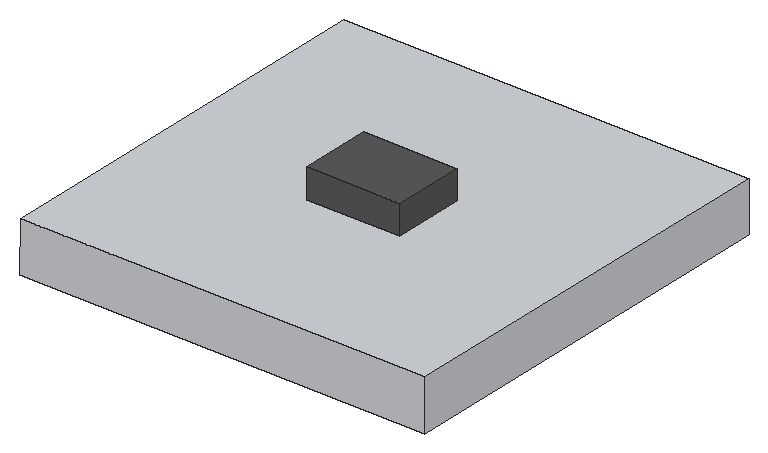
Revit family "r2018_videomax_storage", category Устройства связи, Revit 2018 (continued)
Definition of nested family "videomax_19 4U (JBOD)"
  Lines and regions (mm)
    model lines, visible <- "Back_500", detail levels fine
      curve 3292: line (343.768, 192.412, 0) -> (317.107, 192.412, 0)
      curve 3293: line (317.107, 192.412, 0) -> (315.278, 193.519, 0)
      curve 3294: line (315.278, 193.519, 0) -> (314.889, 194.569, 0)
      curve 3295: line (314.889, 194.569, 0) -> (314.826, 213.692, 0)
      curve 3296: line (314.826, 213.692, 0) -> (314.928, 214.337, 0)
      curve 3297: line (314.928, 214.337, 0) -> (315.42, 215.287, 0)
      curve 3298: line (315.42, 215.287, 0) -> (317.339, 216.234, 0)
      curve 3299: line (318.231, 207.92, 0) -> (322.376, 212.327, 0)
      curve 3300: line (322.376, 212.327, 0) -> (337.337, 212.514, 0)
      curve 3301: line (337.337, 212.514, 0) -> (342.572, 208.041, 0)
      curve 3302: line (343.449, 205.941, 0) -> (343.449, 197.207, 0)
      curve 3303: line (343.449, 197.207, 0) -> (343.184, 195.569, 0)
      curve 3304: line (343.184, 195.569, 0) -> (342.672, 195.245, 0)
      curve 3305: line (342.672, 195.245, 0) -> (319.437, 195.245, 0)
      curve 3306: line (319.437, 195.245, 0) -> (317.67, 195.607, 0)
      curve 3307: line (317.67, 195.607, 0) -> (317.467, 196.174, 0)
      curve 3308: line (317.467, 196.174, 0) -> (317.467, 206.074, 0)
      curve 3309: line (359.173, 216.232, 0) -> (383.637, 216.232, 0)
      curve 3310: line (383.637, 216.232, 0) -> (385.878, 216.157, 0)
      curve 3311: line (385.878, 216.157, 0) -> (387.593, 214.863, 0)
      curve 3312: line (387.593, 214.863, 0) -> (387.889, 213.745, 0)
      curve 3313: line (387.889, 213.745, 0) -> (387.889, 194.553, 0)
      curve 3314: line (387.889, 194.553, 0) -> (387.471, 193.539, 0)
      curve 3315: line (387.471, 193.539, 0) -> (385.602, 192.41, 0)
      curve 3316: line (385.602, 192.41, 0) -> (358.941, 192.41, 0)
      curve 3317: line (358.941, 192.41, 0) -> (357.112, 193.517, 0)
      curve 3318: line (357.112, 193.517, 0) -> (356.723, 194.566, 0)
      curve 3319: line (356.723, 194.566, 0) -> (356.66, 213.69, 0)
      curve 3320: line (356.66, 213.69, 0) -> (356.762, 214.335, 0)
      curve 3321: line (356.762, 214.335, 0) -> (357.254, 215.284, 0)
      curve 3322: line (357.254, 215.284, 0) -> (359.173, 216.232, 0)
      curve 3323: line (322.803, 203.394, 0) -> (324.03, 203.394, 0)
      curve 3324: line (324.03, 203.394, 0) -> (324.03, 201.013, 0)
      curve 3325: line (324.03, 201.013, 0) -> (322.803, 201.013, 0)
      curve 3326: line (322.803, 201.013, 0) -> (322.803, 203.394, 0)
      curve 3327: line (329.843, 207.544, 0) -> (331.069, 207.544, 0)
      curve 3328: line (331.069, 207.544, 0) -> (331.069, 205.163, 0)
      curve 3329: line (331.069, 205.163, 0) -> (329.843, 205.163, 0)
      curve 3330: line (329.843, 205.163, 0) -> (329.843, 207.544, 0)
      curve 3331: line (336.882, 203.394, 0) -> (338.108, 203.394, 0)
      curve 3332: line (338.108, 203.394, 0) -> (338.108, 201.013, 0)
      curve 3333: line (338.108, 201.013, 0) -> (336.882, 201.013, 0)
      curve 3334: line (336.882, 201.013, 0) -> (336.882, 203.394, 0)
      curve 3343: line (360.022, 207.92, 0) -> (364.167, 212.327, 0)
      curve 3344: line (364.167, 212.327, 0) -> (379.128, 212.514, 0)
      curve 3345: line (379.128, 212.514, 0) -> (384.363, 208.041, 0)
      curve 3346: line (385.241, 205.941, 0) -> (385.241, 197.207, 0)
      curve 3347: line (385.241, 197.207, 0) -> (384.975, 195.569, 0)
      curve 3348: line (384.975, 195.569, 0) -> (384.463, 195.245, 0)
      curve 3349: line (384.463, 195.245, 0) -> (361.228, 195.245, 0)
      curve 3350: line (361.228, 195.245, 0) -> (359.461, 195.607, 0)
      curve 3351: line (359.461, 195.607, 0) -> (359.258, 196.174, 0)
      curve 3352: line (359.258, 196.174, 0) -> (359.258, 206.074, 0)
      curve 3353: line (364.594, 203.394, 0) -> (365.821, 203.394, 0)
      curve 3354: line (365.821, 203.394, 0) -> (365.821, 201.013, 0)
      curve 3355: line (365.821, 201.013, 0) -> (364.594, 201.013, 0)
      curve 3356: line (364.594, 201.013, 0) -> (364.594, 203.394, 0)
      curve 3357: line (371.634, 207.544, 0) -> (372.86, 207.544, 0)
      curve 3358: line (372.86, 207.544, 0) -> (372.86, 205.163, 0)
      curve 3359: line (372.86, 205.163, 0) -> (371.634, 205.163, 0)
      curve 3360: line (371.634, 205.163, 0) -> (371.634, 207.544, 0)
      curve 3361: line (378.673, 203.394, 0) -> (379.899, 203.394, 0)
      curve 3362: line (379.899, 203.394, 0) -> (379.899, 201.013, 0)
      curve 3363: line (379.899, 201.013, 0) -> (378.673, 201.013, 0)
      curve 3364: line (378.673, 201.013, 0) -> (378.673, 203.394, 0)
      curve 3365: line (440.12, 292.523, 0) -> (437.626, 295.017, 0)
      curve 3366: line (437.626, 264.422, 0) -> (440.12, 266.916, 0)
      curve 3367: line (446.928, 285.715, 0) -> (445.011, 287.632, 0)
      curve 3368: line (445.011, 271.808, 0) -> (446.928, 273.724, 0)
      curve 3369: line (443.906, 288.737, 0) -> (441.409, 291.234, 0)
      curve 3370: line (441.409, 268.206, 0) -> (443.906, 270.702, 0)
      curve 3371: line (468.133, 292.523, 0) -> (470.627, 295.017, 0)
      curve 3372: line (470.627, 264.422, 0) -> (468.133, 266.916, 0)
      curve 3373: line (461.325, 285.715, 0) -> (463.241, 287.632, 0)
      curve 3374: line (463.242, 271.808, 0) -> (461.325, 273.724, 0)
      curve 3375: line (464.347, 288.737, 0) -> (466.843, 291.234, 0)
      curve 3376: line (466.843, 268.206, 0) -> (464.347, 270.702, 0)
      curve 3377: line (466.93, 265.714, 0) -> (469.424, 263.219, 0)
      curve 3378: line (438.829, 263.219, 0) -> (441.323, 265.713, 0)
      curve 3379: line (460.122, 272.521, 0) -> (462.039, 270.605, 0)
      curve 3380: line (446.214, 270.605, 0) -> (448.131, 272.521, 0)
      curve 3381: line (463.144, 269.499, 0) -> (465.641, 267.003, 0)
      curve 3382: line (442.612, 267.003, 0) -> (445.109, 269.499, 0)
      curve 3383: line (466.93, 293.726, 0) -> (469.424, 296.22, 0)
      curve 3384: line (438.829, 296.22, 0) -> (441.323, 293.726, 0)
      curve 3385: line (460.122, 286.918, 0) -> (462.039, 288.835, 0)
      curve 3386: line (446.214, 288.835, 0) -> (448.131, 286.918, 0)
      curve 3387: line (463.144, 289.94, 0) -> (465.641, 292.437, 0)
      curve 3388: line (442.612, 292.437, 0) -> (445.109, 289.94, 0)
      curve 3393: line (516.714, 292.523, 0) -> (514.22, 295.017, 0)
      curve 3394: line (514.22, 264.422, 0) -> (516.714, 266.916, 0)
      curve 3395: line (523.522, 285.715, 0) -> (521.605, 287.632, 0)
      curve 3396: line (521.605, 271.808, 0) -> (523.522, 273.724, 0)
      curve 3397: line (520.5, 288.737, 0) -> (518.003, 291.234, 0)
      curve 3398: line (518.003, 268.206, 0) -> (520.5, 270.702, 0)
      curve 3399: line (544.727, 292.523, 0) -> (547.221, 295.017, 0)
      curve 3400: line (547.221, 264.422, 0) -> (544.727, 266.916, 0)
      curve 3401: line (537.919, 285.715, 0) -> (539.835, 287.632, 0)
      curve 3402: line (539.836, 271.808, 0) -> (537.919, 273.724, 0)
      curve 3403: line (540.941, 288.737, 0) -> (543.437, 291.234, 0)
      curve 3404: line (543.437, 268.206, 0) -> (540.941, 270.702, 0)
      curve 3405: line (543.524, 265.714, 0) -> (546.018, 263.219, 0)
      curve 3406: line (515.423, 263.219, 0) -> (517.917, 265.713, 0)
      curve 3407: line (536.716, 272.521, 0) -> (538.633, 270.605, 0)
      curve 3408: line (522.808, 270.605, 0) -> (524.725, 272.521, 0)
      curve 3409: line (539.738, 269.499, 0) -> (542.235, 267.003, 0)
      curve 3410: line (519.206, 267.003, 0) -> (521.703, 269.499, 0)
      curve 3411: line (543.524, 293.726, 0) -> (546.018, 296.22, 0)
      curve 3412: line (515.423, 296.22, 0) -> (517.917, 293.726, 0)
      curve 3413: line (536.716, 286.918, 0) -> (538.633, 288.835, 0)
      curve 3414: line (522.808, 288.835, 0) -> (524.725, 286.918, 0)
      curve 3415: line (539.738, 289.94, 0) -> (542.235, 292.437, 0)
      curve 3416: line (519.206, 292.437, 0) -> (521.703, 289.94, 0)
      curve 3457: line (525.97, 213.006, 0) -> (525.97, 204.438, 0)
      curve 3458: line (525.97, 204.438, 0) -> (541.44, 204.438, 0)
      curve 3459: line (541.44, 204.438, 0) -> (541.44, 213.006, 0)
      curve 3460: line (541.44, 213.006, 0) -> (536.653, 213.006, 0)
      curve 3461: line (536.653, 213.006, 0) -> (536.653, 214.492, 0)
      curve 3462: line (536.653, 214.492, 0) -> (530.633, 214.492, 0)
      curve 3463: line (530.633, 214.492, 0) -> (530.633, 213.006, 0)
      curve 3464: line (530.633, 213.006, 0) -> (525.97, 213.006, 0)
      curve 3465: line (544.758, 213.006, 0) -> (544.758, 204.438, 0)
      curve 3466: line (544.758, 204.438, 0) -> (560.228, 204.438, 0)
      curve 3467: line (560.228, 204.438, 0) -> (560.228, 213.006, 0)
      curve 3468: line (560.228, 213.006, 0) -> (555.441, 213.006, 0)
      curve 3469: line (555.441, 213.006, 0) -> (555.441, 214.492, 0)
      curve 3470: line (555.441, 214.492, 0) -> (549.421, 214.492, 0)
      curve 3471: line (549.421, 214.492, 0) -> (549.421, 213.006, 0)
      curve 3472: line (549.421, 213.006, 0) -> (544.758, 213.006, 0)
      curve 3473: line (500.159, 211.741, 0) -> (513.319, 211.741, 0)
      curve 3474: line (514.005, 210.739, 0) -> (513.364, 205.564, 0)
      curve 3475: line (512.38, 204.708, 0) -> (501.301, 204.708, 0)
      curve 3476: line (500.278, 205.553, 0) -> (499.367, 210.595, 0)
      curve 3477: line (463.892, 211.741, 0) -> (477.052, 211.741, 0)
      curve 3478: line (477.738, 210.739, 0) -> (477.097, 205.564, 0)
      curve 3479: line (476.113, 204.708, 0) -> (465.034, 204.708, 0)
      curve 3480: line (464.011, 205.553, 0) -> (463.099, 210.595, 0)
      curve 3481: line (439.702, 213.724, 0) -> (453.771, 213.724, 0)
      curve 3482: line (453.771, 213.724, 0) -> (453.771, 219.998, 0)
      curve 3483: line (453.771, 219.998, 0) -> (439.702, 219.998, 0)
      curve 3484: line (439.702, 219.998, 0) -> (439.702, 213.724, 0)
      curve 3485: line (439.702, 205.042, 0) -> (453.771, 205.042, 0)
      curve 3486: line (453.771, 205.042, 0) -> (453.771, 211.316, 0)
      curve 3487: line (453.771, 211.316, 0) -> (439.702, 211.316, 0)
      curve 3488: line (439.702, 211.316, 0) -> (439.702, 205.042, 0)
      curve 3489: line (441.793, 216.132, 0) -> (451.68, 216.132, 0)
      curve 3490: line (441.793, 207.45, 0) -> (451.68, 207.45, 0)
      curve 3491: line (470.524, 229.893, 0) -> (507.294, 229.893, 0)
      curve 3492: line (507.981, 228.89, 0) -> (507.339, 223.715, 0)
      curve 3493: line (506.356, 222.859, 0) -> (471.667, 222.859, 0)
      curve 3494: line (470.643, 223.704, 0) -> (469.732, 228.746, 0)
      curve 3495: line (588.051, 233.439, 0) -> (588.051, 220.279, 0)
      curve 3496: line (587.049, 219.593, 0) -> (581.874, 220.234, 0)
      curve 3497: line (581.017, 221.218, 0) -> (581.017, 232.297, 0)
      curve 3498: line (581.863, 233.32, 0) -> (586.905, 234.231, 0)
      curve 3499: line (588.167, 268.213, 0) -> (588.167, 255.053, 0)
      curve 3500: line (587.164, 254.366, 0) -> (581.99, 255.008, 0)
      curve 3501: line (581.133, 255.991, 0) -> (581.133, 267.07, 0)
      curve 3502: line (581.979, 268.094, 0) -> (587.021, 269.005, 0)
      curve 3507: line (412.339, 288.387, 0) -> (420.875, 288.387, 0)
      curve 3508: line (420.875, 288.387, 0) -> (420.875, 267.379, 0)
      curve 3509: line (420.875, 267.379, 0) -> (412.339, 267.379, 0)
      curve 3510: line (412.339, 267.379, 0) -> (412.339, 288.387, 0)
      curve 3511: line (414.65, 272.083, 0) -> (414.65, 283.039, 0)
      curve 3512: line (418.895, 283.039, 0) -> (418.895, 272.083, 0)
    model lines, visible <- "Front_500", detail levels fine
      curve 861: arc (215.757, 89.542, 0) -> (216.081, 90.343, 0) -> (216.883, 90.667, 0) r 1.107
      curve 862: arc (238.889, 90.667, 0) -> (239.729, 90.337, 0) -> (240.06, 89.496, 0) r 1.13
      curve 863: arc (240.06, 67.482, 0) -> (239.685, 66.657, 0) -> (238.827, 66.365, 0) r 1.142
      curve 864: arc (216.733, 66.365, 0) -> (216.055, 66.719, 0) -> (215.757, 67.424, 0) r 1.134
      curve 865: arc (219.167, 73.125, 0) -> (219.021, 72.894, 0) -> (218.782, 72.76, 0) r 0.558
      curve 866: arc (218.782, 72.76, 0) -> (218.541, 72.731, 0) -> (218.3, 72.76, 0) r 1.018
      curve 867: arc (218.3, 72.76, 0) -> (218.061, 72.893, 0) -> (217.915, 73.125, 0) r 0.555
      curve 868: arc (222.885, 75.268, 0) -> (223.446, 75.122, 0) -> (223.793, 74.659, 0) r 0.876
      curve 869: arc (223.793, 74.659, 0) -> (223.859, 73.966, 0) -> (223.768, 73.276, 0) r 3.077
      curve 870: arc (223.768, 73.276, 0) -> (223.421, 72.869, 0) -> (222.898, 72.76, 0) r 0.826
      curve 871: arc (221.771, 72.76, 0) -> (221.483, 72.846, 0) -> (221.359, 73.12, 0) r 0.361
      curve 872: arc (221.359, 74.836, 0) -> (221.445, 75.145, 0) -> (221.742, 75.268, 0) r 0.365
      curve 873: arc (222.169, 74.507, 0) -> (222.188, 74.603, 0) -> (222.268, 74.659, 0) r 0.131
      curve 874: arc (222.268, 74.659, 0) -> (222.43, 74.666, 0) -> (222.591, 74.659, 0) r 1.814
      curve 875: arc (222.591, 74.659, 0) -> (222.858, 74.56, 0) -> (222.998, 74.311, 0) r 0.413
      curve 876: arc (222.998, 74.311, 0) -> (223.029, 74.04, 0) -> (223.01, 73.767, 0) r 1.504
      curve 877: arc (223.01, 73.767, 0) -> (222.935, 73.548, 0) -> (222.743, 73.417, 0) r 0.366
      curve 878: arc (222.743, 73.417, 0) -> (222.541, 73.385, 0) -> (222.337, 73.383, 0) r 1.363
      curve 879: arc (222.337, 73.383, 0) -> (222.216, 73.416, 0) -> (222.169, 73.531, 0) r 0.141
      curve 880: arc (224.146, 74.893, 0) -> (224.249, 75.164, 0) -> (224.52, 75.268, 0) r 0.354
      curve 881: arc (225.105, 74.659, 0) -> (224.995, 74.623, 0) -> (224.956, 74.515, 0) r 0.132
      curve 882: arc (224.956, 73.494, 0) -> (225.004, 73.389, 0) -> (225.118, 73.369, 0) r 0.125
      curve 883: arc (224.565, 72.76, 0) -> (224.253, 72.853, 0) -> (224.146, 73.161, 0) r 0.357
      curve 884: arc (226.614, 74.659, 0) -> (226.899, 75.092, 0) -> (227.387, 75.268, 0) r 0.819
      curve 885: arc (227.387, 75.268, 0) -> (227.93, 75.297, 0) -> (228.472, 75.268, 0) r 5.104
      curve 886: arc (228.472, 75.268, 0) -> (228.963, 75.095, 0) -> (229.245, 74.659, 0) r 0.806
      curve 887: arc (229.245, 74.659, 0) -> (229.309, 73.965, 0) -> (229.213, 73.276, 0) r 3.047
      curve 888: arc (229.213, 73.276, 0) -> (228.919, 72.907, 0) -> (228.471, 72.76, 0) r 0.821
      curve 889: arc (228.471, 72.76, 0) -> (227.934, 72.731, 0) -> (227.398, 72.76, 0) r 5.02
      curve 890: arc (227.398, 72.76, 0) -> (226.943, 72.903, 0) -> (226.646, 73.276, 0) r 0.813
      curve 891: arc (226.646, 73.276, 0) -> (226.55, 73.965, 0) -> (226.614, 74.659, 0) r 3.045
      curve 892: arc (227.4, 74.311, 0) -> (227.51, 74.537, 0) -> (227.73, 74.659, 0) r 0.418
      curve 893: arc (227.73, 74.659, 0) -> (227.937, 74.673, 0) -> (228.143, 74.658, 0) r 1.432
      curve 894: arc (228.143, 74.658, 0) -> (228.354, 74.532, 0) -> (228.462, 74.311, 0) r 0.431
      curve 895: arc (228.462, 74.311, 0) -> (228.478, 74.039, 0) -> (228.468, 73.767, 0) r 2.949
      curve 896: arc (228.468, 73.767, 0) -> (228.355, 73.5, 0) -> (228.096, 73.369, 0) r 0.422
      curve 897: arc (228.096, 73.369, 0) -> (227.91, 73.355, 0) -> (227.723, 73.369, 0) r 1.213
      curve 898: arc (227.723, 73.369, 0) -> (227.492, 73.511, 0) -> (227.4, 73.767, 0) r 0.411
      curve 899: arc (227.4, 73.767, 0) -> (227.381, 74.039, 0) -> (227.4, 74.311, 0) r 2.006
      curve 900: arc (230.861, 73.033, 0) -> (230.952, 72.858, 0) -> (231.122, 72.756, 0) r 0.364
      curve 901: arc (231.539, 72.755, 0) -> (231.712, 72.856, 0) -> (231.805, 73.033, 0) r 0.364
      curve 902: arc (233.074, 74.863, 0) -> (232.982, 75.132, 0) -> (232.732, 75.268, 0) r 0.391
      curve 903: arc (232.732, 75.268, 0) -> (232.462, 75.297, 0) -> (232.192, 75.268, 0) r 1.276
      curve 904: arc (232.192, 75.268, 0) -> (231.955, 75.13, 0) -> (231.817, 74.893, 0) r 0.535
      curve 905: arc (231.404, 73.648, 0) -> (231.334, 73.581, 0) -> (231.263, 73.648, 0) r 0.071
      curve 906: arc (230.847, 74.898, 0) -> (230.709, 75.131, 0) -> (230.475, 75.268, 0) r 0.537
      curve 907: arc (230.475, 75.268, 0) -> (230.206, 75.297, 0) -> (229.936, 75.268, 0) r 1.263
      curve 908: arc (229.936, 75.268, 0) -> (229.69, 75.131, 0) -> (229.596, 74.866, 0) r 0.398
      curve 909: arc (235.218, 74.996, 0) -> (235.105, 75.167, 0) -> (234.926, 75.268, 0) r 0.437
      curve 910: arc (234.926, 75.268, 0) -> (234.651, 75.297, 0) -> (234.376, 75.268, 0) r 1.324
      curve 911: arc (234.376, 75.268, 0) -> (234.189, 75.172, 0) -> (234.076, 74.996, 0) r 0.406
      curve 912: arc (222.936, 79.89, 0) -> (223.04, 79.815, 0) -> (223.144, 79.89, 0) r 0.11
      curve 913: arc (224.408, 83.264, 0) -> (224.875, 83.952, 0) -> (225.642, 84.275, 0) r 1.465
      curve 914: arc (225.642, 84.275, 0) -> (226.162, 84.298, 0) -> (226.677, 84.224, 0) r 2.783
      curve 915: arc (224.645, 78.805, 0) -> (224.271, 78.212, 0) -> (223.659, 77.869, 0) r 1.431
      curve 916: arc (223.659, 77.869, 0) -> (223.041, 77.794, 0) -> (222.423, 77.868, 0) r 2.611
      curve 917: arc (222.423, 77.868, 0) -> (221.809, 78.211, 0) -> (221.434, 78.805, 0) r 1.424
      curve 918: arc (227.222, 83.911, 0) -> (227.465, 83.616, 0) -> (227.638, 83.276, 0) r 1.748
      curve 919: arc (229.924, 83.282, 0) -> (230.214, 83.786, 0) -> (230.676, 84.14, 0) r 1.492
      curve 920: arc (230.676, 84.14, 0) -> (231.522, 84.301, 0) -> (232.369, 84.15, 0) r 2.382
      curve 921: arc (232.369, 84.15, 0) -> (232.845, 83.795, 0) -> (233.144, 83.282, 0) r 1.485
      curve 922: arc (231.665, 82.123, 0) -> (231.534, 82.229, 0) -> (231.402, 82.123, 0) r 0.135
      curve 1268: line (-211.734, 88.8, 0) -> (-147.326, 92.9, 0)
      curve 1269: line (-147.326, 92.9, 0) -> (-125.081, 93.643, 0)
      curve 1270: line (-125.081, 93.643, 0) -> (-125.081, 95.028, 0)
      curve 1271: line (-125.081, 95.028, 0) -> (-128.629, 97.638, 0)
      curve 1272: line (-128.629, 97.638, 0) -> (-130.638, 100.269, 0)
      curve 1273: line (-130.638, 100.269, 0) -> (-131.015, 102.864, 0)
      curve 1274: line (-131.015, 102.864, 0) -> (-129.636, 105.414, 0)
      curve 1275: line (-129.636, 105.414, 0) -> (-126.503, 107.864, 0)
      curve 1276: line (-126.503, 107.864, 0) -> (-125.077, 108.702, 0)
      curve 1277: line (-125.077, 108.702, 0) -> (-125.077, 110.105, 0)
      curve 1278: line (-125.077, 110.105, 0) -> (-148.782, 110.687, 0)
      curve 1279: line (-148.782, 110.687, 0) -> (-181.794, 112.252, 0)
      curve 1280: line (-181.794, 112.252, 0) -> (-209.644, 114.874, 0)
      curve 1281: line (-191.444, 113.161, 0) -> (-112.125, 113.161, 0)
      curve 1282: line (-112.125, 113.161, 0) -> (-112.125, 90.431, 0)
      curve 1283: line (-112.125, 90.431, 0) -> (-186.118, 90.431, 0)
      curve 1284: line (-126.583, 107.801, 0) -> (-126.583, 96.205, 0)
      curve 1285: line (214.567, 121.067, 0) -> (220.773, 121.067, 0)
      curve 1286: line (220.773, 121.067, 0) -> (220.773, 106.905, 0)
      curve 1287: line (220.773, 106.905, 0) -> (217.637, 106.745, 0)
      curve 1288: line (217.637, 106.745, 0) -> (214.501, 107.36, 0)
      curve 1289: line (214.501, 107.36, 0) -> (214.567, 121.067, 0)
      curve 1290: line (218.366, 118.935, 0) -> (218.366, 108.873, 0)
      curve 1291: line (214.567, 92.412, 0) -> (220.773, 92.412, 0)
      curve 1292: line (220.773, 92.412, 0) -> (220.773, 106.574, 0)
      curve 1293: line (220.773, 106.574, 0) -> (217.637, 106.735, 0)
      curve 1294: line (217.637, 106.735, 0) -> (214.501, 106.119, 0)
      curve 1295: line (214.501, 106.119, 0) -> (214.567, 92.412, 0)
      curve 1296: line (218.366, 94.545, 0) -> (218.366, 104.606, 0)
      curve 1297: line (216.883, 90.667, 0) -> (238.889, 90.667, 0)
      curve 1298: line (240.06, 89.496, 0) -> (240.06, 67.482, 0)
      curve 1299: line (238.827, 66.365, 0) -> (216.733, 66.365, 0)
      curve 1300: line (215.757, 67.424, 0) -> (215.757, 89.542, 0)
      curve 1301: line (234.389, 73.849, 0) -> (234.902, 73.849, 0)
      curve 1302: line (234.902, 73.849, 0) -> (234.678, 74.487, 0)
      curve 1303: line (234.678, 74.487, 0) -> (234.389, 73.849, 0)
      curve 1304: line (217.915, 73.125, 0) -> (217.04, 75.268, 0)
      curve 1305: line (217.04, 75.268, 0) -> (217.907, 75.268, 0)
      curve 1306: line (217.907, 75.268, 0) -> (218.5, 73.548, 0)
      curve 1307: line (218.5, 73.548, 0) -> (219.185, 75.268, 0)
      curve 1308: line (219.185, 75.268, 0) -> (220.042, 75.268, 0)
      curve 1309: line (220.042, 75.268, 0) -> (219.167, 73.125, 0)
      curve 1310: line (220.193, 75.268, 0) -> (221.001, 75.268, 0)
      curve 1311: line (221.001, 75.268, 0) -> (221.001, 72.76, 0)
      curve 1312: line (221.001, 72.76, 0) -> (220.193, 72.76, 0)
      curve 1313: line (220.193, 72.76, 0) -> (220.193, 75.268, 0)
      curve 1314: line (221.742, 75.268, 0) -> (222.885, 75.268, 0)
      curve 1315: line (222.898, 72.76, 0) -> (221.771, 72.76, 0)
      curve 1316: line (221.359, 73.12, 0) -> (221.359, 74.836, 0)
      curve 1317: line (222.169, 73.531, 0) -> (222.169, 74.507, 0)
      curve 1318: line (224.52, 75.268, 0) -> (226.361, 75.268, 0)
      curve 1319: line (226.361, 75.268, 0) -> (226.361, 74.659, 0)
      curve 1320: line (226.361, 74.659, 0) -> (225.105, 74.659, 0)
      curve 1321: line (225.105, 74.659, 0) -> (224.956, 74.311, 0)
      curve 1322: line (224.956, 74.311, 0) -> (226.325, 74.311, 0)
      curve 1323: line (226.325, 74.311, 0) -> (226.325, 73.767, 0)
      curve 1324: line (226.325, 73.767, 0) -> (224.956, 73.767, 0)
      curve 1325: line (224.956, 73.767, 0) -> (224.956, 73.494, 0)
      curve 1326: line (225.118, 73.369, 0) -> (226.361, 73.369, 0)
      curve 1327: line (226.361, 73.369, 0) -> (226.361, 72.76, 0)
      curve 1328: line (226.361, 72.76, 0) -> (224.565, 72.76, 0)
      curve 1329: line (224.146, 73.161, 0) -> (224.146, 74.893, 0)
      curve 1330: line (229.596, 74.866, 0) -> (229.596, 72.76, 0)
      curve 1331: line (229.596, 72.76, 0) -> (230.409, 72.76, 0)
      curve 1332: line (230.409, 72.76, 0) -> (230.383, 74.311, 0)
      curve 1333: line (230.383, 74.311, 0) -> (230.861, 73.033, 0)
      curve 1334: line (231.122, 72.758, 0) -> (231.318, 72.731, 0)
      curve 1335: line (231.318, 72.731, 0) -> (231.539, 72.755, 0)
      curve 1336: line (231.805, 73.033, 0) -> (232.214, 74.311, 0)
      curve 1337: line (232.214, 74.311, 0) -> (232.257, 72.76, 0)
      curve 1338: line (232.257, 72.76, 0) -> (233.074, 72.76, 0)
      curve 1339: line (233.074, 72.76, 0) -> (233.074, 74.863, 0)
      curve 1340: line (231.817, 74.893, 0) -> (231.404, 73.648, 0)
      curve 1341: line (231.404, 73.648, 0) -> (230.847, 74.898, 0)
      curve 1342: line (235.962, 75.268, 0) -> (236.929, 75.268, 0)
      curve 1343: line (236.929, 75.268, 0) -> (237.355, 74.598, 0)
      curve 1344: line (237.355, 74.598, 0) -> (237.782, 75.268, 0)
      curve 1345: line (237.782, 75.268, 0) -> (238.749, 75.268, 0)
      curve 1346: line (238.749, 75.268, 0) -> (237.828, 74.032, 0)
      curve 1347: line (237.828, 74.032, 0) -> (238.778, 72.76, 0)
      curve 1348: line (238.778, 72.76, 0) -> (237.813, 72.76, 0)
      curve 1349: line (237.813, 72.76, 0) -> (237.355, 73.466, 0)
      curve 1350: line (237.355, 73.466, 0) -> (236.901, 72.76, 0)
      curve 1351: line (236.901, 72.76, 0) -> (235.939, 72.76, 0)
      curve 1352: line (235.939, 72.76, 0) -> (236.883, 74.032, 0)
      curve 1353: line (236.883, 74.032, 0) -> (235.962, 75.268, 0)
      curve 1354: line (234.076, 74.996, 0) -> (233.146, 72.76, 0)
      curve 1355: line (233.146, 72.76, 0) -> (233.998, 72.76, 0)
      curve 1356: line (233.998, 72.76, 0) -> (234.196, 73.276, 0)
      curve 1357: line (234.196, 73.276, 0) -> (235.098, 73.276, 0)
      curve 1358: line (235.098, 73.276, 0) -> (235.296, 72.76, 0)
      curve 1359: line (235.296, 72.76, 0) -> (236.143, 72.76, 0)
      curve 1360: line (236.143, 72.76, 0) -> (235.218, 74.996, 0)
      curve 1361: line (221.434, 78.805, 0) -> (219.189, 84.3, 0)
      curve 1362: line (219.189, 84.3, 0) -> (221.414, 84.3, 0)
      curve 1363: line (221.414, 84.3, 0) -> (222.936, 79.89, 0)
      curve 1364: line (223.144, 79.89, 0) -> (224.408, 83.264, 0)
      curve 1365: line (226.677, 84.224, 0) -> (224.645, 78.805, 0)
      curve 1366: line (227.638, 83.276, 0) -> (228.78, 80.481, 0)
      curve 1367: line (228.78, 80.481, 0) -> (229.924, 83.282, 0)
      curve 1368: line (233.144, 83.282, 0) -> (235.387, 77.79, 0)
      curve 1369: line (235.387, 77.79, 0) -> (233.161, 77.79, 0)
      curve 1370: line (233.161, 77.79, 0) -> (231.665, 82.123, 0)
      curve 1371: line (231.402, 82.123, 0) -> (229.892, 77.79, 0)
      curve 1372: line (229.892, 77.79, 0) -> (227.667, 77.79, 0)
      curve 1373: line (227.667, 77.79, 0) -> (226.346, 81.564, 0)
      curve 1374: line (226.346, 81.564, 0) -> (227.222, 83.911, 0)
      curve 1382: line (-211.735, 60.442, 0) -> (-147.327, 64.542, 0)
      curve 1383: line (-147.327, 64.542, 0) -> (-125.082, 65.285, 0)
      curve 1384: line (-125.082, 65.285, 0) -> (-125.082, 66.67, 0)
      curve 1385: line (-125.082, 66.67, 0) -> (-128.631, 69.281, 0)
      curve 1386: line (-128.631, 69.281, 0) -> (-130.639, 71.911, 0)
      curve 1387: line (-130.639, 71.911, 0) -> (-131.016, 74.506, 0)
      curve 1388: line (-131.016, 74.506, 0) -> (-129.637, 77.056, 0)
      curve 1389: line (-129.637, 77.056, 0) -> (-126.505, 79.506, 0)
      curve 1390: line (-126.505, 79.506, 0) -> (-125.078, 80.344, 0)
      curve 1391: line (-125.078, 80.344, 0) -> (-125.078, 81.747, 0)
      curve 1392: line (-125.078, 81.747, 0) -> (-148.783, 82.329, 0)
      curve 1393: line (-148.783, 82.329, 0) -> (-181.795, 83.894, 0)
      curve 1394: line (-181.795, 83.894, 0) -> (-209.645, 86.516, 0)
      curve 1395: line (-191.445, 84.803, 0) -> (-112.127, 84.803, 0)
      curve 1396: line (-112.127, 84.803, 0) -> (-112.127, 62.073, 0)
      curve 1397: line (-112.127, 62.073, 0) -> (-186.12, 62.073, 0)
      curve 1398: line (-126.584, 79.443, 0) -> (-126.584, 67.848, 0)
      curve 1406: line (-211.778, 32.102, 0) -> (-147.37, 36.201, 0)
      curve 1407: line (-147.37, 36.201, 0) -> (-125.125, 36.944, 0)
      curve 1408: line (-125.125, 36.944, 0) -> (-125.125, 38.329, 0)
      curve 1409: line (-125.125, 38.329, 0) -> (-128.674, 40.94, 0)
      curve 1410: line (-128.674, 40.94, 0) -> (-130.682, 43.57, 0)
      curve 1411: line (-130.682, 43.57, 0) -> (-131.059, 46.166, 0)
      curve 1412: line (-131.059, 46.166, 0) -> (-129.681, 48.715, 0)
      curve 1413: line (-129.681, 48.715, 0) -> (-126.548, 51.165, 0)
      curve 1414: line (-126.548, 51.165, 0) -> (-125.121, 52.003, 0)
      curve 1415: line (-125.121, 52.003, 0) -> (-125.121, 53.406, 0)
      curve 1416: line (-125.121, 53.406, 0) -> (-148.826, 53.988, 0)
      curve 1417: line (-148.826, 53.988, 0) -> (-181.838, 55.553, 0)
      curve 1418: line (-181.838, 55.553, 0) -> (-209.688, 58.175, 0)
      curve 1419: line (-191.489, 56.462, 0) -> (-112.17, 56.462, 0)
      curve 1420: line (-112.17, 56.462, 0) -> (-112.17, 33.732, 0)
      curve 1421: line (-112.17, 33.732, 0) -> (-186.163, 33.732, 0)
      curve 1422: line (-126.628, 51.102, 0) -> (-126.628, 39.507, 0)
      curve 1430: line (-211.626, 3.609, 0) -> (-147.218, 7.709, 0)
      curve 1431: line (-147.218, 7.709, 0) -> (-124.973, 8.452, 0)
      curve 1432: line (-124.973, 8.452, 0) -> (-124.973, 9.837, 0)
      curve 1433: line (-124.973, 9.837, 0) -> (-128.522, 12.448, 0)
      curve 1434: line (-128.522, 12.448, 0) -> (-130.53, 15.078, 0)
      curve 1435: line (-130.53, 15.078, 0) -> (-130.907, 17.673, 0)
      curve 1436: line (-130.907, 17.673, 0) -> (-129.529, 20.223, 0)
      curve 1437: line (-129.529, 20.223, 0) -> (-126.396, 22.673, 0)
      curve 1438: line (-126.396, 22.673, 0) -> (-124.969, 23.511, 0)
      curve 1439: line (-124.969, 23.511, 0) -> (-124.969, 24.914, 0)
      curve 1440: line (-124.969, 24.914, 0) -> (-148.674, 25.496, 0)
      curve 1441: line (-148.674, 25.496, 0) -> (-181.686, 27.061, 0)
      curve 1442: line (-181.686, 27.061, 0) -> (-209.536, 29.683, 0)
      curve 1443: line (-191.336, 27.97, 0) -> (-112.018, 27.97, 0)
      curve 1444: line (-112.018, 27.97, 0) -> (-112.018, 5.24, 0)
      curve 1445: line (-112.018, 5.24, 0) -> (-186.011, 5.24, 0)
      curve 1446: line (-126.475, 22.61, 0) -> (-126.475, 11.014, 0)
      curve 1454: line (-104.456, 88.757, 0) -> (-40.049, 92.857, 0)
      curve 1455: line (-40.049, 92.857, 0) -> (-17.804, 93.6, 0)
      curve 1456: line (-17.804, 93.6, 0) -> (-17.804, 94.985, 0)
      curve 1457: line (-17.804, 94.985, 0) -> (-21.352, 97.595, 0)
      curve 1458: line (-21.352, 97.595, 0) -> (-23.36, 100.226, 0)
      curve 1459: line (-23.36, 100.226, 0) -> (-23.738, 102.821, 0)
      curve 1460: line (-23.738, 102.821, 0) -> (-22.359, 105.37, 0)
      curve 1461: line (-22.359, 105.37, 0) -> (-19.226, 107.82, 0)
      curve 1462: line (-19.226, 107.82, 0) -> (-17.799, 108.659, 0)
      curve 1463: line (-17.799, 108.659, 0) -> (-17.799, 110.061, 0)
      curve 1464: line (-17.799, 110.061, 0) -> (-41.504, 110.644, 0)
      curve 1465: line (-41.504, 110.644, 0) -> (-74.517, 112.209, 0)
      curve 1466: line (-74.517, 112.209, 0) -> (-102.366, 114.831, 0)
      curve 1467: line (-84.167, 113.117, 0) -> (-4.848, 113.117, 0)
      curve 1468: line (-4.848, 113.117, 0) -> (-4.848, 90.387, 0)
      curve 1469: line (-4.848, 90.387, 0) -> (-78.841, 90.387, 0)
      curve 1470: line (-19.306, 107.758, 0) -> (-19.306, 96.162, 0)
      curve 1478: line (-104.458, 60.399, 0) -> (-40.05, 64.499, 0)
      curve 1479: line (-40.05, 64.499, 0) -> (-17.805, 65.242, 0)
      curve 1480: line (-17.805, 65.242, 0) -> (-17.805, 66.627, 0)
      curve 1481: line (-17.805, 66.627, 0) -> (-21.353, 69.237, 0)
      curve 1482: line (-21.353, 69.237, 0) -> (-23.362, 71.868, 0)
      curve 1483: line (-23.362, 71.868, 0) -> (-23.739, 74.463, 0)
      curve 1484: line (-23.739, 74.463, 0) -> (-22.36, 77.012, 0)
      curve 1485: line (-22.36, 77.012, 0) -> (-19.227, 79.462, 0)
      curve 1486: line (-19.227, 79.462, 0) -> (-17.801, 80.301, 0)
      curve 1487: line (-17.801, 80.301, 0) -> (-17.801, 81.703, 0)
      curve 1488: line (-17.801, 81.703, 0) -> (-41.506, 82.286, 0)
      curve 1489: line (-41.506, 82.286, 0) -> (-74.518, 83.851, 0)
      curve 1490: line (-74.518, 83.851, 0) -> (-102.368, 86.473, 0)
      curve 1491: line (-84.168, 84.759, 0) -> (-4.849, 84.759, 0)
      curve 1492: line (-4.849, 84.759, 0) -> (-4.849, 62.03, 0)
      curve 1493: line (-4.849, 62.03, 0) -> (-78.843, 62.03, 0)
      curve 1494: line (-19.307, 79.4, 0) -> (-19.307, 67.804, 0)
      curve 1502: line (-104.501, 32.058, 0) -> (-40.093, 36.158, 0)
      curve 1503: line (-40.093, 36.158, 0) -> (-17.848, 36.901, 0)
      curve 1504: line (-17.848, 36.901, 0) -> (-17.848, 38.286, 0)
      curve 1505: line (-17.848, 38.286, 0) -> (-21.396, 40.897, 0)
      curve 1506: line (-21.396, 40.897, 0) -> (-23.405, 43.527, 0)
      curve 1507: line (-23.405, 43.527, 0) -> (-23.782, 46.122, 0)
      curve 1508: line (-23.782, 46.122, 0) -> (-22.403, 48.672, 0)
      curve 1509: line (-22.403, 48.672, 0) -> (-19.27, 51.122, 0)
      curve 1510: line (-19.27, 51.122, 0) -> (-17.844, 51.96, 0)
      curve 1511: line (-17.844, 51.96, 0) -> (-17.844, 53.363, 0)
      curve 1512: line (-17.844, 53.363, 0) -> (-41.549, 53.945, 0)
      curve 1513: line (-41.549, 53.945, 0) -> (-74.561, 55.51, 0)
      curve 1514: line (-74.561, 55.51, 0) -> (-104.451, 58.324, 0)
      curve 1515: line (-84.211, 56.419, 0) -> (-4.893, 56.419, 0)
      curve 1516: line (-4.893, 56.419, 0) -> (-4.893, 33.689, 0)
      curve 1517: line (-4.893, 33.689, 0) -> (-78.886, 33.689, 0)
      curve 1518: line (-19.35, 51.059, 0) -> (-19.35, 39.463, 0)
      curve 1526: line (-104.349, 3.566, 0) -> (-39.941, 7.666, 0)
      curve 1527: line (-39.941, 7.666, 0) -> (-17.696, 8.409, 0)
      curve 1528: line (-17.696, 8.409, 0) -> (-17.696, 9.794, 0)
      curve 1529: line (-17.696, 9.794, 0) -> (-21.244, 12.404, 0)
      curve 1530: line (-21.244, 12.404, 0) -> (-23.253, 15.035, 0)
      curve 1531: line (-23.253, 15.035, 0) -> (-23.63, 17.63, 0)
      curve 1532: line (-23.63, 17.63, 0) -> (-22.251, 20.179, 0)
      curve 1533: line (-22.251, 20.179, 0) -> (-19.118, 22.629, 0)
      curve 1534: line (-19.118, 22.629, 0) -> (-17.692, 23.468, 0)
      curve 1535: line (-17.692, 23.468, 0) -> (-17.692, 24.87, 0)
      curve 1536: line (-17.692, 24.87, 0) -> (-41.397, 25.453, 0)
      curve 1537: line (-41.397, 25.453, 0) -> (-74.409, 27.018, 0)
      curve 1538: line (-74.409, 27.018, 0) -> (-102.259, 29.64, 0)
      curve 1539: line (-84.059, 27.926, 0) -> (-4.74, 27.926, 0)
      curve 1540: line (-4.74, 27.926, 0) -> (-4.74, 5.196, 0)
      curve 1541: line (-4.74, 5.196, 0) -> (-78.734, 5.196, 0)
      curve 1542: line (-19.198, 22.567, 0) -> (-19.198, 10.971, 0)
      curve 1550: line (2.905, 88.524, 0) -> (67.313, 92.624, 0)
      curve 1551: line (67.313, 92.624, 0) -> (89.558, 93.367, 0)
      curve 1552: line (89.558, 93.367, 0) -> (89.558, 94.752, 0)
      curve 1553: line (89.558, 94.752, 0) -> (86.009, 97.362, 0)
      curve 1554: line (86.009, 97.362, 0) -> (84.001, 99.993, 0)
      curve 1555: line (84.001, 99.993, 0) -> (83.624, 102.588, 0)
      curve 1556: line (83.624, 102.588, 0) -> (85.002, 105.137, 0)
      curve 1557: line (85.002, 105.137, 0) -> (88.135, 107.587, 0)
      curve 1558: line (88.135, 107.587, 0) -> (89.562, 108.426, 0)
      curve 1559: line (89.562, 108.426, 0) -> (89.562, 109.828, 0)
      curve 1560: line (89.562, 109.828, 0) -> (65.857, 110.411, 0)
      curve 1561: line (65.857, 110.411, 0) -> (32.845, 111.976, 0)
      curve 1562: line (32.845, 111.976, 0) -> (4.995, 114.598, 0)
      curve 1563: line (23.194, 112.884, 0) -> (102.513, 112.884, 0)
      curve 1564: line (102.513, 112.884, 0) -> (102.513, 90.154, 0)
      curve 1565: line (102.513, 90.154, 0) -> (28.52, 90.154, 0)
      curve 1566: line (88.055, 107.525, 0) -> (88.055, 95.929, 0)
      curve 1574: line (2.904, 60.166, 0) -> (67.311, 64.266, 0)
      curve 1575: line (67.311, 64.266, 0) -> (89.556, 65.009, 0)
      curve 1576: line (89.556, 65.009, 0) -> (89.556, 66.394, 0)
      curve 1577: line (89.556, 66.394, 0) -> (86.008, 69.004, 0)
      curve 1578: line (86.008, 69.004, 0) -> (83.999, 71.635, 0)
      curve 1579: line (83.999, 71.635, 0) -> (83.622, 74.23, 0)
      curve 1580: line (83.622, 74.23, 0) -> (85.001, 76.779, 0)
      curve 1581: line (85.001, 76.779, 0) -> (88.134, 79.229, 0)
      curve 1582: line (88.134, 79.229, 0) -> (89.561, 80.068, 0)
      curve 1583: line (89.561, 80.068, 0) -> (89.561, 81.47, 0)
      curve 1584: line (89.561, 81.47, 0) -> (65.855, 82.053, 0)
      curve 1585: line (65.855, 82.053, 0) -> (32.843, 83.618, 0)
      curve 1586: line (32.843, 83.618, 0) -> (4.994, 86.24, 0)
      curve 1587: line (23.193, 84.526, 0) -> (102.512, 84.526, 0)
      curve 1588: line (102.512, 84.526, 0) -> (102.512, 61.797, 0)
      curve 1589: line (102.512, 61.797, 0) -> (28.519, 61.797, 0)
      curve 1590: line (88.054, 79.167, 0) -> (88.054, 67.571, 0)
      curve 1598: line (2.86, 31.825, 0) -> (67.268, 35.925, 0)
      curve 1599: line (67.268, 35.925, 0) -> (89.513, 36.668, 0)
      curve 1600: line (89.513, 36.668, 0) -> (89.513, 38.053, 0)
      curve 1601: line (89.513, 38.053, 0) -> (85.965, 40.664, 0)
      curve 1602: line (85.965, 40.664, 0) -> (83.956, 43.294, 0)
      curve 1603: line (83.956, 43.294, 0) -> (83.579, 45.889, 0)
      curve 1604: line (83.579, 45.889, 0) -> (84.958, 48.439, 0)
      curve 1605: line (84.958, 48.439, 0) -> (88.091, 50.889, 0)
      curve 1606: line (88.091, 50.889, 0) -> (89.517, 51.727, 0)
      curve 1607: line (89.517, 51.727, 0) -> (89.517, 53.13, 0)
      curve 1608: line (89.517, 53.13, 0) -> (65.812, 53.712, 0)
      curve 1609: line (65.812, 53.712, 0) -> (32.8, 55.277, 0)
      curve 1610: line (32.8, 55.277, 0) -> (4.95, 57.899, 0)
      curve 1611: line (23.15, 56.186, 0) -> (102.469, 56.186, 0)
      curve 1612: line (102.469, 56.186, 0) -> (102.469, 33.456, 0)
      curve 1613: line (102.469, 33.456, 0) -> (28.476, 33.456, 0)
      curve 1614: line (88.011, 50.826, 0) -> (88.011, 39.231, 0)
      curve 1622: line (3.012, 3.333, 0) -> (67.42, 7.433, 0)
      curve 1623: line (67.42, 7.433, 0) -> (89.665, 8.176, 0)
      curve 1624: line (89.665, 8.176, 0) -> (89.665, 9.561, 0)
      curve 1625: line (89.665, 9.561, 0) -> (86.117, 12.171, 0)
      curve 1626: line (86.117, 12.171, 0) -> (84.108, 14.802, 0)
      curve 1627: line (84.108, 14.802, 0) -> (83.731, 17.397, 0)
      curve 1628: line (83.731, 17.397, 0) -> (85.11, 19.946, 0)
      curve 1629: line (85.11, 19.946, 0) -> (88.243, 22.396, 0)
      curve 1630: line (88.243, 22.396, 0) -> (89.67, 23.235, 0)
      curve 1631: line (89.67, 23.235, 0) -> (89.67, 24.637, 0)
      curve 1632: line (89.67, 24.637, 0) -> (65.964, 25.22, 0)
      curve 1633: line (65.964, 25.22, 0) -> (32.952, 26.785, 0)
      curve 1634: line (32.952, 26.785, 0) -> (5.103, 29.407, 0)
      curve 1635: line (23.302, 27.693, 0) -> (102.621, 27.693, 0)
      curve 1636: line (102.621, 27.693, 0) -> (102.621, 4.963, 0)
      curve 1637: line (102.621, 4.963, 0) -> (28.628, 4.963, 0)
      curve 1638: line (88.163, 22.334, 0) -> (88.163, 10.738, 0)
      curve 1646: line (110.324, 88.775, 0) -> (174.731, 92.874, 0)
      curve 1647: line (174.731, 92.874, 0) -> (196.976, 93.617, 0)
      curve 1648: line (196.976, 93.617, 0) -> (196.976, 95.003, 0)
      curve 1649: line (196.976, 95.003, 0) -> (193.428, 97.613, 0)
      curve 1650: line (193.428, 97.613, 0) -> (191.42, 100.244, 0)
      curve 1651: line (191.42, 100.244, 0) -> (191.042, 102.839, 0)
      curve 1652: line (191.042, 102.839, 0) -> (192.421, 105.388, 0)
      curve 1653: line (192.421, 105.388, 0) -> (195.554, 107.838, 0)
      curve 1654: line (195.554, 107.838, 0) -> (196.981, 108.677, 0)
      curve 1655: line (196.981, 108.677, 0) -> (196.981, 110.079, 0)
      curve 1656: line (196.981, 110.079, 0) -> (173.276, 110.662, 0)
      curve 1657: line (173.276, 110.662, 0) -> (140.263, 112.227, 0)
      curve 1658: line (140.263, 112.227, 0) -> (112.414, 114.849, 0)
      curve 1659: line (130.613, 113.135, 0) -> (209.932, 113.135, 0)
      curve 1660: line (209.932, 113.135, 0) -> (209.932, 90.405, 0)
      curve 1661: line (209.932, 90.405, 0) -> (135.939, 90.405, 0)
      curve 1662: line (195.474, 107.776, 0) -> (195.474, 96.18, 0)
      curve 1670: line (110.322, 60.417, 0) -> (174.73, 64.517, 0)
      curve 1671: line (174.73, 64.517, 0) -> (196.975, 65.26, 0)
      curve 1672: line (196.975, 65.26, 0) -> (196.975, 66.645, 0)
      curve 1673: line (196.975, 66.645, 0) -> (193.427, 69.255, 0)
      curve 1674: line (193.427, 69.255, 0) -> (191.418, 71.886, 0)
      curve 1675: line (191.418, 71.886, 0) -> (191.041, 74.481, 0)
      curve 1676: line (191.041, 74.481, 0) -> (192.42, 77.03, 0)
      curve 1677: line (192.42, 77.03, 0) -> (195.553, 79.48, 0)
      curve 1678: line (195.553, 79.48, 0) -> (196.979, 80.319, 0)
      curve 1679: line (196.979, 80.319, 0) -> (196.979, 81.721, 0)
      curve 1680: line (196.979, 81.721, 0) -> (173.274, 82.304, 0)
      curve 1681: line (173.274, 82.304, 0) -> (140.262, 83.869, 0)
      curve 1682: line (140.262, 83.869, 0) -> (112.412, 86.491, 0)
      curve 1683: line (130.612, 84.777, 0) -> (209.931, 84.777, 0)
      curve 1684: line (209.931, 84.777, 0) -> (209.931, 62.047, 0)
      curve 1685: line (209.931, 62.047, 0) -> (135.937, 62.047, 0)
      curve 1686: line (195.473, 79.418, 0) -> (195.473, 67.822, 0)
      curve 1694: line (110.279, 32.076, 0) -> (174.687, 36.176, 0)
      curve 1695: line (174.687, 36.176, 0) -> (196.932, 36.919, 0)
      curve 1696: line (196.932, 36.919, 0) -> (196.932, 38.304, 0)
      curve 1697: line (196.932, 38.304, 0) -> (193.383, 40.914, 0)
      curve 1698: line (193.383, 40.914, 0) -> (191.375, 43.545, 0)
      curve 1699: line (191.375, 43.545, 0) -> (190.998, 46.14, 0)
      curve 1700: line (190.998, 46.14, 0) -> (192.377, 48.689, 0)
      curve 1701: line (192.377, 48.689, 0) -> (195.509, 51.139, 0)
      curve 1702: line (195.509, 51.139, 0) -> (196.936, 51.978, 0)
      curve 1703: line (196.936, 51.978, 0) -> (196.936, 53.38, 0)
      curve 1704: line (196.936, 53.38, 0) -> (173.231, 53.963, 0)
      curve 1705: line (173.231, 53.963, 0) -> (140.219, 55.528, 0)
      curve 1706: line (140.219, 55.528, 0) -> (112.369, 58.15, 0)
      curve 1707: line (130.569, 56.436, 0) -> (209.887, 56.436, 0)
      curve 1708: line (209.887, 56.436, 0) -> (209.887, 33.707, 0)
      curve 1709: line (209.887, 33.707, 0) -> (135.894, 33.707, 0)
      curve 1710: line (195.43, 51.077, 0) -> (195.43, 39.481, 0)
      curve 1718: line (110.431, 3.584, 0) -> (174.839, 7.683, 0)
      curve 1719: line (174.839, 7.683, 0) -> (197.084, 8.426, 0)
      curve 1720: line (197.084, 8.426, 0) -> (197.084, 9.812, 0)
      curve 1721: line (197.084, 9.812, 0) -> (193.536, 12.422, 0)
      curve 1722: line (193.536, 12.422, 0) -> (191.527, 15.053, 0)
      curve 1723: line (191.527, 15.053, 0) -> (191.15, 17.648, 0)
      curve 1724: line (191.15, 17.648, 0) -> (192.529, 20.197, 0)
      curve 1725: line (192.529, 20.197, 0) -> (195.662, 22.647, 0)
      curve 1726: line (195.662, 22.647, 0) -> (197.088, 23.486, 0)
      curve 1727: line (197.088, 23.486, 0) -> (197.088, 24.888, 0)
      curve 1728: line (197.088, 24.888, 0) -> (173.383, 25.471, 0)
      curve 1729: line (173.383, 25.471, 0) -> (140.371, 27.036, 0)
      curve 1730: line (140.371, 27.036, 0) -> (112.521, 29.658, 0)
      curve 1731: line (130.721, 27.944, 0) -> (210.039, 27.944, 0)
      curve 1732: line (210.039, 27.944, 0) -> (210.039, 5.214, 0)
      curve 1733: line (210.039, 5.214, 0) -> (136.046, 5.214, 0)
      curve 1734: line (195.582, 22.585, 0) -> (195.582, 10.989, 0)
      curve 1735: line (-183.136, 22.815, 0) -> (-180.491, 22.815, 0)
      curve 1736: line (-180.491, 22.815, 0) -> (-180.491, 10.584, 0)
      curve 1737: line (-180.491, 10.584, 0) -> (-183.136, 10.584, 0)
      curve 1738: line (-183.136, 10.584, 0) -> (-183.136, 22.815, 0)
      curve 1739: line (-171.379, 22.815, 0) -> (-168.733, 22.815, 0)
      curve 1740: line (-168.733, 22.815, 0) -> (-168.733, 10.584, 0)
      curve 1741: line (-168.733, 10.584, 0) -> (-171.379, 10.584, 0)
      curve 1742: line (-171.379, 10.584, 0) -> (-171.379, 22.815, 0)
      curve 1743: line (-159.621, 22.815, 0) -> (-156.976, 22.815, 0)
      curve 1744: line (-156.976, 22.815, 0) -> (-156.976, 10.584, 0)
      curve 1745: line (-156.976, 10.584, 0) -> (-159.621, 10.584, 0)
      curve 1746: line (-159.621, 10.584, 0) -> (-159.621, 22.815, 0)
      curve 1747: line (-147.864, 22.815, 0) -> (-145.218, 22.815, 0)
      curve 1748: line (-145.218, 22.815, 0) -> (-145.218, 10.584, 0)
      curve 1749: line (-145.218, 10.584, 0) -> (-147.864, 10.584, 0)
      curve 1750: line (-147.864, 10.584, 0) -> (-147.864, 22.815, 0)
      curve 1751: line (-183.136, 51.237, 0) -> (-180.491, 51.237, 0)
      curve 1752: line (-180.491, 51.237, 0) -> (-180.491, 39.005, 0)
      curve 1753: line (-180.491, 39.005, 0) -> (-183.136, 39.005, 0)
      curve 1754: line (-183.136, 39.005, 0) -> (-183.136, 51.237, 0)
      curve 1755: line (-171.379, 51.237, 0) -> (-168.733, 51.237, 0)
      curve 1756: line (-168.733, 51.237, 0) -> (-168.733, 39.005, 0)
      curve 1757: line (-168.733, 39.005, 0) -> (-171.379, 39.005, 0)
      curve 1758: line (-171.379, 39.005, 0) -> (-171.379, 51.237, 0)
      curve 1759: line (-159.621, 51.237, 0) -> (-156.976, 51.237, 0)
      curve 1760: line (-156.976, 51.237, 0) -> (-156.976, 39.005, 0)
      curve 1761: line (-156.976, 39.005, 0) -> (-159.621, 39.005, 0)
      curve 1762: line (-159.621, 39.005, 0) -> (-159.621, 51.237, 0)
      curve 1763: line (-147.864, 51.237, 0) -> (-145.218, 51.237, 0)
      curve 1764: line (-145.218, 51.237, 0) -> (-145.218, 39.005, 0)
      curve 1765: line (-145.218, 39.005, 0) -> (-147.864, 39.005, 0)
      curve 1766: line (-147.864, 39.005, 0) -> (-147.864, 51.237, 0)
      curve 1767: line (-183.136, 79.658, 0) -> (-180.491, 79.658, 0)
      curve 1768: line (-180.491, 79.658, 0) -> (-180.491, 67.427, 0)
      curve 1769: line (-180.491, 67.427, 0) -> (-183.136, 67.427, 0)
      curve 1770: line (-183.136, 67.427, 0) -> (-183.136, 79.658, 0)
      curve 1771: line (-171.379, 79.658, 0) -> (-168.733, 79.658, 0)
      curve 1772: line (-168.733, 79.658, 0) -> (-168.733, 67.427, 0)
      curve 1773: line (-168.733, 67.427, 0) -> (-171.379, 67.427, 0)
      curve 1774: line (-171.379, 67.427, 0) -> (-171.379, 79.658, 0)
      curve 1775: line (-159.621, 79.658, 0) -> (-156.976, 79.658, 0)
      curve 1776: line (-156.976, 79.658, 0) -> (-156.976, 67.427, 0)
      curve 1777: line (-156.976, 67.427, 0) -> (-159.621, 67.427, 0)
      curve 1778: line (-159.621, 67.427, 0) -> (-159.621, 79.658, 0)
      curve 1779: line (-147.864, 79.658, 0) -> (-145.218, 79.658, 0)
      curve 1780: line (-145.218, 79.658, 0) -> (-145.218, 67.427, 0)
      curve 1781: line (-145.218, 67.427, 0) -> (-147.864, 67.427, 0)
      curve 1782: line (-147.864, 67.427, 0) -> (-147.864, 79.658, 0)
      curve 1783: line (-183.136, 108.011, 0) -> (-180.491, 108.011, 0)
      curve 1784: line (-180.491, 108.011, 0) -> (-180.491, 95.78, 0)
      curve 1785: line (-180.491, 95.78, 0) -> (-183.136, 95.78, 0)
      curve 1786: line (-183.136, 95.78, 0) -> (-183.136, 108.011, 0)
      curve 1787: line (-171.379, 108.011, 0) -> (-168.733, 108.011, 0)
      curve 1788: line (-168.733, 108.011, 0) -> (-168.733, 95.78, 0)
      curve 1789: line (-168.733, 95.78, 0) -> (-171.379, 95.78, 0)
      curve 1790: line (-171.379, 95.78, 0) -> (-171.379, 108.011, 0)
      curve 1791: line (-159.621, 108.011, 0) -> (-156.976, 108.011, 0)
      curve 1792: line (-156.976, 108.011, 0) -> (-156.976, 95.78, 0)
      curve 1793: line (-156.976, 95.78, 0) -> (-159.621, 95.78, 0)
      curve 1794: line (-159.621, 95.78, 0) -> (-159.621, 108.011, 0)
      curve 1795: line (-147.864, 108.011, 0) -> (-145.218, 108.011, 0)
      curve 1796: line (-145.218, 108.011, 0) -> (-145.218, 95.78, 0)
      curve 1797: line (-145.218, 95.78, 0) -> (-147.864, 95.78, 0)
      curve 1798: line (-147.864, 95.78, 0) -> (-147.864, 108.011, 0)
      curve 1799: line (-183.136, 136.675, 0) -> (-180.491, 136.675, 0)
      curve 1800: line (-180.491, 136.675, 0) -> (-180.491, 124.444, 0)
      curve 1801: line (-180.491, 124.444, 0) -> (-183.136, 124.444, 0)
      curve 1802: line (-183.136, 124.444, 0) -> (-183.136, 136.675, 0)
      curve 1803: line (-171.379, 136.675, 0) -> (-168.733, 136.675, 0)
      curve 1804: line (-168.733, 136.675, 0) -> (-168.733, 124.444, 0)
      curve 1805: line (-168.733, 124.444, 0) -> (-171.379, 124.444, 0)
      curve 1806: line (-171.379, 124.444, 0) -> (-171.379, 136.675, 0)
      curve 1807: line (-159.621, 136.675, 0) -> (-156.976, 136.675, 0)
      curve 1808: line (-156.976, 136.675, 0) -> (-156.976, 124.444, 0)
      curve 1809: line (-156.976, 124.444, 0) -> (-159.621, 124.444, 0)
      curve 1810: line (-159.621, 124.444, 0) -> (-159.621, 136.675, 0)
      curve 1811: line (-147.864, 136.675, 0) -> (-145.218, 136.675, 0)
      curve 1812: line (-145.218, 136.675, 0) -> (-145.218, 124.444, 0)
      curve 1813: line (-145.218, 124.444, 0) -> (-147.864, 124.444, 0)
      curve 1814: line (-147.864, 124.444, 0) -> (-147.864, 136.675, 0)
      curve 1815: line (-183.136, 165.029, 0) -> (-180.491, 165.029, 0)
      curve 1816: line (-180.491, 165.029, 0) -> (-180.491, 152.797, 0)
      curve 1817: line (-180.491, 152.797, 0) -> (-183.136, 152.797, 0)
      curve 1818: line (-183.136, 152.797, 0) -> (-183.136, 165.029, 0)
      curve 1819: line (-171.379, 165.029, 0) -> (-168.733, 165.029, 0)
      curve 1820: line (-168.733, 165.029, 0) -> (-168.733, 152.797, 0)
      curve 1821: line (-168.733, 152.797, 0) -> (-171.379, 152.797, 0)
      curve 1822: line (-171.379, 152.797, 0) -> (-171.379, 165.029, 0)
      curve 1823: line (-159.621, 165.029, 0) -> (-156.976, 165.029, 0)
      curve 1824: line (-156.976, 165.029, 0) -> (-156.976, 152.797, 0)
      curve 1825: line (-156.976, 152.797, 0) -> (-159.621, 152.797, 0)
      curve 1826: line (-159.621, 152.797, 0) -> (-159.621, 165.029, 0)
      curve 1827: line (-147.864, 165.029, 0) -> (-145.218, 165.029, 0)
      curve 1828: line (-145.218, 165.029, 0) -> (-145.218, 152.797, 0)
      curve 1829: line (-145.218, 152.797, 0) -> (-147.864, 152.797, 0)
      curve 1830: line (-147.864, 152.797, 0) -> (-147.864, 165.029, 0)
      curve 1831: line (-75.763, 22.815, 0) -> (-73.118, 22.815, 0)
      curve 1832: line (-73.118, 22.815, 0) -> (-73.118, 10.584, 0)
      curve 1833: line (-73.118, 10.584, 0) -> (-75.763, 10.584, 0)
      curve 1834: line (-75.763, 10.584, 0) -> (-75.763, 22.815, 0)
      curve 1835: line (-64.006, 22.815, 0) -> (-61.36, 22.815, 0)
      curve 1836: line (-61.36, 22.815, 0) -> (-61.36, 10.584, 0)
      curve 1837: line (-61.36, 10.584, 0) -> (-64.006, 10.584, 0)
      curve 1838: line (-64.006, 10.584, 0) -> (-64.006, 22.815, 0)
      curve 1839: line (-52.249, 22.815, 0) -> (-49.603, 22.815, 0)
      curve 1840: line (-49.603, 22.815, 0) -> (-49.603, 10.584, 0)
      curve 1841: line (-49.603, 10.584, 0) -> (-52.249, 10.584, 0)
      curve 1842: line (-52.249, 10.584, 0) -> (-52.249, 22.815, 0)
      curve 1843: line (-40.491, 22.815, 0) -> (-37.845, 22.815, 0)
      curve 1844: line (-37.845, 22.815, 0) -> (-37.845, 10.584, 0)
      curve 1845: line (-37.845, 10.584, 0) -> (-40.491, 10.584, 0)
      curve 1846: line (-40.491, 10.584, 0) -> (-40.491, 22.815, 0)
      curve 1847: line (-75.763, 51.237, 0) -> (-73.118, 51.237, 0)
      curve 1848: line (-73.118, 51.237, 0) -> (-73.118, 39.005, 0)
      curve 1849: line (-73.118, 39.005, 0) -> (-75.763, 39.005, 0)
      curve 1850: line (-75.763, 39.005, 0) -> (-75.763, 51.237, 0)
      curve 1851: line (-64.006, 51.237, 0) -> (-61.36, 51.237, 0)
      curve 1852: line (-61.36, 51.237, 0) -> (-61.36, 39.005, 0)
      curve 1853: line (-61.36, 39.005, 0) -> (-64.006, 39.005, 0)
      curve 1854: line (-64.006, 39.005, 0) -> (-64.006, 51.237, 0)
      curve 1855: line (-52.249, 51.237, 0) -> (-49.603, 51.237, 0)
      curve 1856: line (-49.603, 51.237, 0) -> (-49.603, 39.005, 0)
      curve 1857: line (-49.603, 39.005, 0) -> (-52.249, 39.005, 0)
      curve 1858: line (-52.249, 39.005, 0) -> (-52.249, 51.237, 0)
      curve 1859: line (-40.491, 51.237, 0) -> (-37.845, 51.237, 0)
      curve 1860: line (-37.845, 51.237, 0) -> (-37.845, 39.005, 0)
      curve 1861: line (-37.845, 39.005, 0) -> (-40.491, 39.005, 0)
      curve 1862: line (-40.491, 39.005, 0) -> (-40.491, 51.237, 0)
      curve 1863: line (-75.763, 79.658, 0) -> (-73.118, 79.658, 0)
      curve 1864: line (-73.118, 79.658, 0) -> (-73.118, 67.427, 0)
      curve 1865: line (-73.118, 67.427, 0) -> (-75.763, 67.427, 0)
      curve 1866: line (-75.763, 67.427, 0) -> (-75.763, 79.658, 0)
      curve 1867: line (-64.006, 79.658, 0) -> (-61.36, 79.658, 0)
      curve 1868: line (-61.36, 79.658, 0) -> (-61.36, 67.427, 0)
      curve 1869: line (-61.36, 67.427, 0) -> (-64.006, 67.427, 0)
      curve 1870: line (-64.006, 67.427, 0) -> (-64.006, 79.658, 0)
      curve 1871: line (-52.249, 79.658, 0) -> (-49.603, 79.658, 0)
      curve 1872: line (-49.603, 79.658, 0) -> (-49.603, 67.427, 0)
      curve 1873: line (-49.603, 67.427, 0) -> (-52.249, 67.427, 0)
      curve 1874: line (-52.249, 67.427, 0) -> (-52.249, 79.658, 0)
      curve 1875: line (-40.491, 79.658, 0) -> (-37.845, 79.658, 0)
      curve 1876: line (-37.845, 79.658, 0) -> (-37.845, 67.427, 0)
      curve 1877: line (-37.845, 67.427, 0) -> (-40.491, 67.427, 0)
      curve 1878: line (-40.491, 67.427, 0) -> (-40.491, 79.658, 0)
      curve 1879: line (-75.763, 108.011, 0) -> (-73.118, 108.011, 0)
      curve 1880: line (-73.118, 108.011, 0) -> (-73.118, 95.78, 0)
      curve 1881: line (-73.118, 95.78, 0) -> (-75.763, 95.78, 0)
      curve 1882: line (-75.763, 95.78, 0) -> (-75.763, 108.011, 0)
      curve 1883: line (-64.006, 108.011, 0) -> (-61.36, 108.011, 0)
      curve 1884: line (-61.36, 108.011, 0) -> (-61.36, 95.78, 0)
      curve 1885: line (-61.36, 95.78, 0) -> (-64.006, 95.78, 0)
      curve 1886: line (-64.006, 95.78, 0) -> (-64.006, 108.011, 0)
      curve 1887: line (-52.249, 108.011, 0) -> (-49.603, 108.011, 0)
      curve 1888: line (-49.603, 108.011, 0) -> (-49.603, 95.78, 0)
      curve 1889: line (-49.603, 95.78, 0) -> (-52.249, 95.78, 0)
      curve 1890: line (-52.249, 95.78, 0) -> (-52.249, 108.011, 0)
      curve 1891: line (-40.491, 108.011, 0) -> (-37.845, 108.011, 0)
      curve 1892: line (-37.845, 108.011, 0) -> (-37.845, 95.78, 0)
      curve 1893: line (-37.845, 95.78, 0) -> (-40.491, 95.78, 0)
      curve 1894: line (-40.491, 95.78, 0) -> (-40.491, 108.011, 0)
      curve 1895: line (-75.763, 136.675, 0) -> (-73.118, 136.675, 0)
      curve 1896: line (-73.118, 136.675, 0) -> (-73.118, 124.444, 0)
      curve 1897: line (-73.118, 124.444, 0) -> (-75.763, 124.444, 0)
      curve 1898: line (-75.763, 124.444, 0) -> (-75.763, 136.675, 0)
      curve 1899: line (-64.006, 136.675, 0) -> (-61.36, 136.675, 0)
      curve 1900: line (-61.36, 136.675, 0) -> (-61.36, 124.444, 0)
      curve 1901: line (-61.36, 124.444, 0) -> (-64.006, 124.444, 0)
      curve 1902: line (-64.006, 124.444, 0) -> (-64.006, 136.675, 0)
      curve 1903: line (-52.249, 136.675, 0) -> (-49.603, 136.675, 0)
      curve 1904: line (-49.603, 136.675, 0) -> (-49.603, 124.444, 0)
      curve 1905: line (-49.603, 124.444, 0) -> (-52.249, 124.444, 0)
      curve 1906: line (-52.249, 124.444, 0) -> (-52.249, 136.675, 0)
      curve 1907: line (-40.491, 136.675, 0) -> (-37.845, 136.675, 0)
      curve 1908: line (-37.845, 136.675, 0) -> (-37.845, 124.444, 0)
      curve 1909: line (-37.845, 124.444, 0) -> (-40.491, 124.444, 0)
      curve 1910: line (-40.491, 124.444, 0) -> (-40.491, 136.675, 0)
      curve 1911: line (-75.763, 165.029, 0) -> (-73.118, 165.029, 0)
      curve 1912: line (-73.118, 165.029, 0) -> (-73.118, 152.797, 0)
      curve 1913: line (-73.118, 152.797, 0) -> (-75.763, 152.797, 0)
      curve 1914: line (-75.763, 152.797, 0) -> (-75.763, 165.029, 0)
      curve 1915: line (-64.006, 165.029, 0) -> (-61.36, 165.029, 0)
      curve 1916: line (-61.36, 165.029, 0) -> (-61.36, 152.797, 0)
      curve 1917: line (-61.36, 152.797, 0) -> (-64.006, 152.797, 0)
      curve 1918: line (-64.006, 152.797, 0) -> (-64.006, 165.029, 0)
      curve 1919: line (-52.249, 165.029, 0) -> (-49.603, 165.029, 0)
      curve 1920: line (-49.603, 165.029, 0) -> (-49.603, 152.797, 0)
      curve 1921: line (-49.603, 152.797, 0) -> (-52.249, 152.797, 0)
